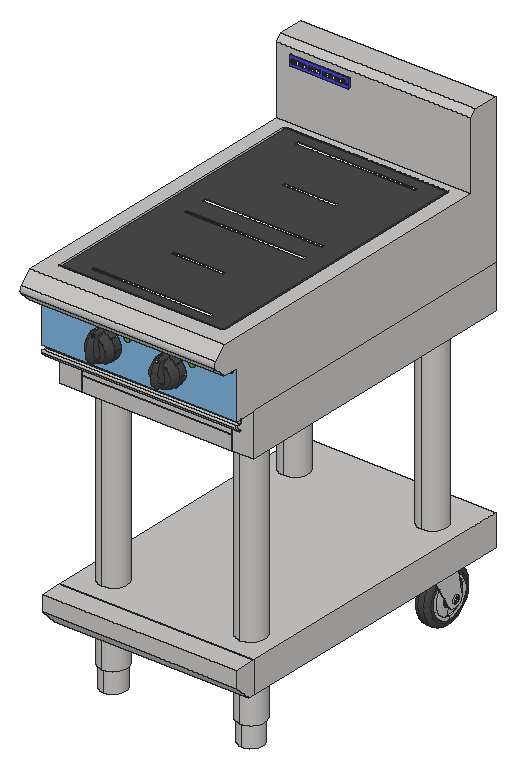
Revit family "QF_Moffat_IN512R3-LS_Induction_Cooktop_cat", category Specialty Equipment, Revit 2019 (continued)
Definition of nested family "Knob"
  Forms (mm)
    Revolve 1, solid
      sketch origin (32.5, 175.397, 1219.2) x (0, 1, 0) y (0, 0, 1)
        loop
          line (-175.397, -1186.7) -> (-219.397, -1186.7) -> (-219.397, -1211.501) -> (-202.106, -1219.2) -> (-185.397, -1219.2) -> (-185.397, -1191.7) -> (-175.397, -1191.7) -> (-175.397, -1186.7)
        axis (-219.397, -1186.7) -> (-175.397, -1186.7)
      angle from 0 to 360
    Extrusion 2, solid
      sketch origin (32.5, 175.397, 1219.2) x (0, 1, 0) y (0, 0, 1)
        loop
          line (-202.106, -1154.2) -> (-185.397, -1154.2) -> (-185.397, -1149.7) -> (-224.105, -1149.7)
          arc (-224.105, -1149.7) -> (-233.965, -1178.467) -> (-230.696, -1208.7) r 70
          line (-230.696, -1208.7) -> (-219.397, -1208.7) -> (-219.397, -1161.899) -> (-202.106, -1154.2)
      from -15 to 15
    Extrusion 3, void
      sketch origin (0, 0, 0) x (1, 0, 0) y (0, 0, 1)
        loop
          line (27.501, 64.613) -> (22.02, 20.585)
          arc (22.02, 20.585) -> (32.792, 10.488) -> (42.986, 21.169) r 10.487
          line (42.986, 21.169) -> (37.499, 64.613)
          arc (37.499, 64.613) -> (32.5, 69.5) -> (27.501, 64.613) r 5
        loop
          line (10, 72.977) -> (10, 5.625) -> (55, 5.625) -> (55, 72.977) -> (10, 72.977)
      from 6.142 to 69.687
    Extrusion 4, solid
      sketch origin (0, -34.115, -16.916) x (1, 0, 0) y (0, 0.45399, 0.891007)
        loop
          circle (32.497, 65) r 2
      from 51.525 to 53.075
    Extrusion 5, solid
      sketch origin (32.5, -10, 32.5) x (0, 0, -1) y (-1, 0, 0)
        loop
          line (-23.54, -22.408) -> (-24.106, -22.974)
          arc (-24.106, -22.974) -> (-23.547, -23.547) -> (-22.974, -24.106) r 33.3
          line (-22.974, -24.106) -> (-22.408, -23.54)
          arc (-22.408, -23.54) -> (-22.981, -22.981) -> (-23.54, -22.408) r 32.5
        loop
          arc (-0.8, -33.29) -> (0, -33.3) -> (0.8, -33.29) r 33.3
          line (0.8, -33.29) -> (0.8, -32.49)
          arc (0.8, -32.49) -> (0, -32.5) -> (-0.8, -32.49) r 32.5
          line (-0.8, -32.49) -> (-0.8, -33.29)
        loop
          arc (23.54, -22.408) -> (22.981, -22.981) -> (22.408, -23.54) r 32.5
          line (22.408, -23.54) -> (22.974, -24.106)
          arc (22.974, -24.106) -> (23.547, -23.547) -> (24.106, -22.974) r 33.3
          line (24.106, -22.974) -> (23.54, -22.408)
        loop
          arc (-23.54, 22.408) -> (-22.981, 22.981) -> (-22.408, 23.54) r 32.5
          line (-22.408, 23.54) -> (-22.974, 24.106)
          arc (-22.974, 24.106) -> (-23.547, 23.547) -> (-24.106, 22.974) r 33.3
          line (-24.106, 22.974) -> (-23.54, 22.408)
        loop
          line (-0.8, 33.29) -> (-0.8, 32.49)
          arc (-0.8, 32.49) -> (0, 32.5) -> (0.8, 32.49) r 32.5
          line (0.8, 32.49) -> (0.8, 33.29)
          arc (0.8, 33.29) -> (0, 33.3) -> (-0.8, 33.29) r 33.3
        loop
          line (32.49, -0.8) -> (33.29, -0.8)
          arc (33.29, -0.8) -> (33.3, 0) -> (33.29, 0.8) r 33.3
          line (33.29, 0.8) -> (32.49, 0.8)
          arc (32.49, 0.8) -> (32.5, 0) -> (32.49, -0.8) r 32.5
        loop
          arc (24.106, 22.974) -> (23.547, 23.547) -> (22.974, 24.106) r 33.3
          line (22.974, 24.106) -> (22.408, 23.54)
          arc (22.408, 23.54) -> (22.981, 22.981) -> (23.54, 22.408) r 32.5
          line (23.54, 22.408) -> (24.106, 22.974)
      from 0 to -16.709
  Cuts and joins
    Extrusion 3 cuts Extrusion 2
  Dimensions and locks
    equal spacing: plane 3 "LEFT", plane 7 "Center Y", plane 4 "RIGHT"
    "Length": plane 3 "LEFT" to plane 4 "RIGHT"
    equal spacing: plane 5 "FRONT", plane 8 "Center X", plane 1 "BACK"
    "Depth": plane 5 "FRONT" to plane 1 "BACK"
    "Height": plane 6 "TOP" to level
    plane 4 "RIGHT" to plane 3 "LEFT" = 65 mm
    aligned and locked: level to plane 2
  Automatic sketch dimensions
    Revolve 1 sketch curve to level = 0 mm
    Revolve 1 sketch curve to plane 1 "BACK" = 0 mm  (x2)
    plane 1 "BACK" to Revolve 1 sketch curve = 10 mm
    plane 8 "Center X" to Revolve 1 sketch curve = 2.791 mm
    Revolve 1 sketch curve to plane 8 "Center X" = 14.5 mm
    level to Revolve 1 sketch curve = 7.699 mm
    level to Revolve 1 sketch curve = 27.5 mm
    Revolve 1 sketch curve to Revolve 1 sketch curve = 5 mm
    Revolve 1 sketch curve to Revolve 1 sketch curve = 35 mm
    Revolve 1 sketch curve to Revolve 1 sketch curve = 0 mm
    Extrusion 2 sketch curve to plane 6 "TOP" = 0 mm
    Extrusion 2 sketch curve to plane 5 "FRONT" = 3.702 mm
    Extrusion 2 sketch curve to plane 5 "FRONT" = 10.293 mm
    Extrusion 2 sketch curve to Extrusion 2 sketch curve = 11.298 mm
    plane 8 "Center X" to Extrusion 2 sketch curve = 2.791 mm
    plane 1 "BACK" to Extrusion 2 sketch curve = 10 mm
    Extrusion 2 sketch curve to plane 1 "BACK" = 11 mm
    Extrusion 2 sketch curve to plane 6 "TOP" = 4.5 mm
    Extrusion 2 sketch curve to plane 6 "TOP" = 12.199 mm
    level to Extrusion 2 sketch curve = 32.962 mm
    level to Extrusion 3 sketch curve = 5.625 mm
    Extrusion 3 sketch curve to plane 7 "Center Y" = 0 mm  (x2)
    Extrusion 3 sketch curve to plane 7 "Center Y" = 4.999 mm
    Extrusion 3 sketch curve to plane 7 "Center Y" = 10.48 mm
    plane 6 "TOP" to Extrusion 3 sketch curve = 3.477 mm
    plane 3 "LEFT" to Extrusion 3 sketch curve = 10 mm
    Extrusion 3 sketch curve to plane 6 "TOP" = 4.887 mm
    Extrusion 3 sketch curve to Extrusion 3 sketch curve = 4.999 mm
    plane 7 "Center Y" to Extrusion 3 sketch curve = 10.486 mm
    level to Extrusion 3 sketch curve = 20.585 mm
    Extrusion 3 sketch curve to Extrusion 3 sketch curve = 0.387 mm
    Extrusion 3 sketch curve to Extrusion 3 sketch curve = 0.113 mm
    plane 4 "RIGHT" to Extrusion 3 sketch curve = 10 mm
    Extrusion 5 sketch curve to Revolve 1 = 32.49 mm
    Revolve 1 to Extrusion 5 sketch curve = 32.49 mm
    Extrusion 5 sketch curve to Revolve 1 = 23.54 mm  (x2)
    Revolve 1 to Extrusion 5 sketch curve = 23.54 mm  (x2)
    Extrusion 5 sketch curve to Revolve 1 = 24.106 mm  (x2)
    Revolve 1 to Extrusion 5 sketch curve = 24.106 mm  (x2)
    Revolve 1 to Extrusion 5 sketch curve = 22.408 mm  (x2)
    Extrusion 5 sketch curve to Revolve 1 = 22.408 mm  (x2)
    Revolve 1 to Extrusion 5 sketch curve = 22.974 mm  (x2)
    Extrusion 5 sketch curve to Revolve 1 = 22.974 mm  (x2)
    Extrusion 5 sketch curve to Extrusion 5 sketch curve = 1.6 mm  (x2)
    Revolve 1 to Extrusion 5 sketch curve = 0.8 mm
    Extrusion 5 sketch curve to Revolve 1 = 0.8 mm
    Extrusion 4 sketch curve to plane 7 "Center Y" = 0.003 mm
    radius of Extrusion 5 sketch curve to Revolve 1 = 0 mm  (x7)
    radius of Revolve 1 to Extrusion 5 sketch curve = 0.8 mm  (x7)
    radius of Extrusion 4 sketch curve = 2 mm
